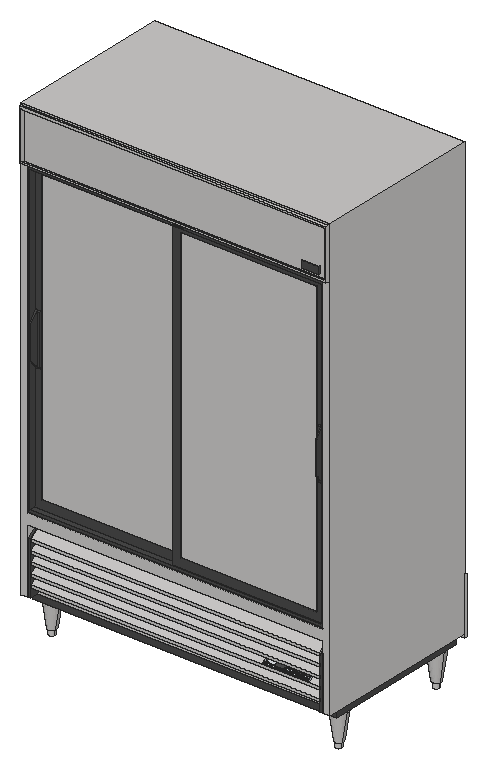
Revit family "QF_TRUE_TSD-47-HC", category Specialty Equipment, Revit 2016 (continued)
Definition of nested family "TRUE_L6_C3.25"
  Definition of nested family "HATCO_4 INCHES_CASTER"
    Lines and regions (in)
      symbolic lines, visible <- "Show 4 Inches Caster"
        curve 5: line (-0.2461, 1.91084, 0) -> (0.28481, 2.83041, 0)
        curve 6: line (0.19868, 0.46248, 0) -> (-0.30132, -0.40355, 0)
    Dimensions and locks (in)
      plane 4 "TOP" to level = 4"  (x2)
      aligned and locked: level to plane 1
  Definition of nested family "2.5 INCHES_CASTER"
    Parameters (values of type "2.5 INCHES_CASTER")
      Weight = ""
      URL Manufacturer = ""
      URL Cutsheet = ""
      URL = ""
      Type Mark [instance] = ""
      Specification by User [instance] = ""
      Specification by Manufacturer = ""
      Serial Number = ""
      Seismic Rating = ""
      SMACNA No = ""
      Revision Code [instance] = ""
      Omniclass Number and Title = ""
      NAFEM Spec ID Number = ""
      Model = ""
      MasterSpec. = ""
      Manufacturer = ""
      Item Number [instance] = ""
      Installed By [instance] = ""
      Identify Quantity as Lot [instance] = yes
      Furnished By [instance] = ""
      Foodservice Equipment Identifier [instance] = yes
      Description = ""
      CSI MasterFormat = ""
      CSI Master Format = ""
      Assembly Code = ""
      2.5 Inches Caster [instance] = yes
    Reference planes (in)
      plane 1: z = 0
      plane 2 "RIGHT": x = 0
      plane 3 "FRONT": y = 0
      plane 4 "TOP": z = 2.5
    Forms (in)
      Revolve 1, solid, visible <- "2.5 Inches Caster"
        sketch origin (-1.93794, 0.83816, -1.0041) x (1, 0, 0) y (0, 0, 1)
          loop
            line (0.74055, 1.92597) -> (0.74055, 1.85047) -> (0.79055, 1.80047) -> (0.85055, 1.80047) -> (0.85055, 1.6804) -> (1.235, 1.6804) -> (1.235, 1.61305) -> (1.38673, 1.52545) -> (1.4003, 1.4416) -> (1.34375, 1.4416) -> (1.34375, 1.3166) -> (1.375, 1.3166) -> (1.375, 1.0041) -> (2.48438, 1.0041) -> (2.48438, 1.3166) -> (2.51563, 1.3166) -> (2.51563, 1.4416) -> (2.45908, 1.4416) -> (2.47322, 1.52897) -> (2.62438, 1.61624) -> (2.62438, 1.6804) -> (3.04007, 1.6804) -> (3.04007, 1.80047) -> (3.10007, 1.80047) -> (3.15007, 1.85047) -> (3.15007, 1.92597) -> (0.74055, 1.92597)
          axis (0.74055, 1.92597) -> (3.15007, 1.92597)
        angle from 0 to 360
      Extrusion 2, solid, visible <- "2.5 Inches Caster"
        sketch origin (-1.93794, 1.80294, -3.2541) x (0, 1, 0) y (0, 0, 1)
          loop
            line (-0.64294, 5.43229) -> (-0.64294, 5.55298) -> (-2.21294, 5.55298) -> (-2.21294, 5.30272) -> (-1.81966, 5.30272)
            arc (-1.81966, 5.30272) -> (-1.13638, 5.20789) -> (-0.46376, 5.05475) r 8.02767
            arc (-0.46376, 5.05475) -> (-0.19511, 4.95469) -> (0.05138, 4.80832) r 1.60049
            line (0.05138, 4.80832) -> (0.12713, 4.91318)
            arc (0.12713, 4.91318) -> (-0.07255, 5.06376) -> (-0.29048, 5.18644) r 1.8753
            line (-0.29048, 5.18644) -> (-0.22239, 5.30423)
            arc (-0.22239, 5.30423) -> (-0.42776, 5.38437) -> (-0.64294, 5.43229) r 1.44292
        from 1.17357 to 2.70231
      Revolve 3, solid, visible <- "2.5 Inches Caster"
        sketch origin (0, 2.10856, -3.75) x (0, 1, 0) y (0, 0, 1)
          loop
            line (-1.73858, 6.25) -> (-1.73858, 6.04889) -> (-1.05793, 6.04889) -> (-1.05793, 6.25) -> (-1.73858, 6.25)
          axis (-1.73858, 6.04889) -> (-1.73858, 6.25)
        angle from 0 to 360
      Extrusion 4, solid, visible <- "2.5 Inches Caster"
        sketch origin (-1.98481, 1.80294, -1.7541) x (0, 1, 0) y (0, 0, 1)
          loop
            line (-2.21294, 4.05298) -> (-2.21294, 3.80272) -> (-2.13999, 3.80272)
            arc (-2.13999, 3.80272) -> (-1.62379, 3.51899) -> (-1.39241, 2.97729) r 0.90292
            arc (-1.39241, 2.97729) -> (-1.36136, 2.78161) -> (-1.29729, 2.59413) r 1.15385
            arc (-1.29729, 2.59413) -> (-0.94802, 2.37355) -> (-0.6121, 2.61396) r 0.37001
            arc (-0.6121, 2.61396) -> (-0.59625, 2.66241) -> (-0.58446, 2.712) r 0.61695
            arc (-0.58446, 2.712) -> (-0.36134, 3.11665) -> (0.05609, 3.31484) r 0.75313
            line (0.05609, 3.31484) -> (0.12713, 3.41318)
            arc (0.12713, 3.41318) -> (-0.07255, 3.56376) -> (-0.29048, 3.68644) r 1.8753
            line (-0.29048, 3.68644) -> (-0.22239, 3.80423)
            arc (-0.22239, 3.80423) -> (-0.42776, 3.88437) -> (-0.64294, 3.93229) r 1.44292
            line (-0.64294, 3.93229) -> (-0.64294, 4.05298) -> (-2.21294, 4.05298)
        from 2.74918 to 2.90825
      Extrusion 5, solid, visible <- "2.5 Inches Caster"
        sketch origin (1.98481, 1.80294, -1.7541) x (0, 1, 0) y (0, 0, -1)
          loop
            line (-2.21294, -4.05298) -> (-0.64294, -4.05298) -> (-0.64294, -3.93229)
            arc (-0.64294, -3.93229) -> (-0.42776, -3.88437) -> (-0.22239, -3.80423) r 1.44292
            line (-0.22239, -3.80423) -> (-0.29048, -3.68644)
            arc (-0.29048, -3.68644) -> (-0.07255, -3.56376) -> (0.12713, -3.41318) r 1.8753
            line (0.12713, -3.41318) -> (0.05609, -3.31484)
            arc (0.05609, -3.31484) -> (-0.36134, -3.11665) -> (-0.58446, -2.712) r 0.75313
            arc (-0.58446, -2.712) -> (-0.59625, -2.66241) -> (-0.6121, -2.61396) r 0.61695
            arc (-0.6121, -2.61396) -> (-0.94802, -2.37355) -> (-1.29729, -2.59413) r 0.37001
            arc (-1.29729, -2.59413) -> (-1.36136, -2.78161) -> (-1.39241, -2.97729) r 1.15385
            arc (-1.39241, -2.97729) -> (-1.62379, -3.51899) -> (-2.13999, -3.80272) r 0.90292
            line (-2.13999, -3.80272) -> (-2.21294, -3.80272) -> (-2.21294, -4.05298)
        from 2.74918 to 2.90825
    Lines and regions (in)
      symbolic lines, visible <- "2.5 Inches Caster"
        curve 1: line (0.10651, 1.96132, 0) -> (0.80944, 1.55548, 0)
        curve 2: line (-0.89349, 0.22927, 0) -> (0.10651, 1.96132, 0)
        curve 3: line (-0.19056, -0.17657, 0) -> (-0.89349, 0.22927, 0)
        curve 4: line (0.80944, 1.55548, 0) -> (-0.19056, -0.17657, 0)
    Dimensions and locks (in)
      plane 4 "TOP" to level = 2 1/2"  (x2)
      aligned and locked: level to plane 1
